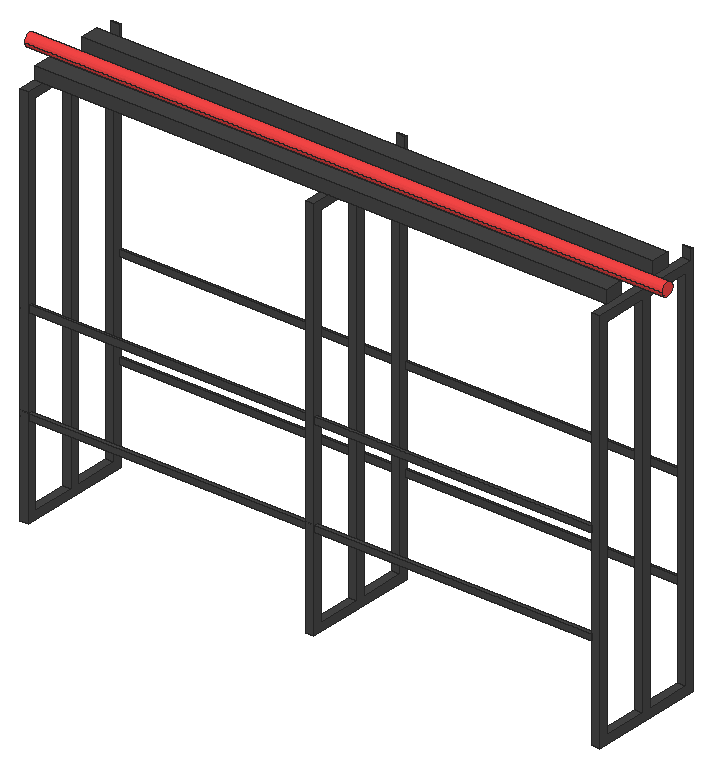
Revit family "Batería de cilindros con pesaje continuo de 80l en doble fila CO2_Aguilera Extincion", category Equipos especializados, Revit 2017
Family settings
  Anfitrión = Suelo
  Cota de conector redondo = Radio de uso
  Tipo de pieza = Normal
  Número OmniClass = 23.65.20.14.24
  Título OmniClass = Other Gas Storage Vessels
  Siempre vertical = Sí
  Corte con vacíos al cargar = No
  Compartido = Sí
  Punto de cálculo de habitación = No
Parameters (values of type "Batería 20 cilindros CO2 con pesaje continuo - 80 l")
  URL = "https://aguilera.es/?productos=baterias-con-botellas-en-doble-fila-y-pesaje-continuo-co2"
  Símbolo texto = yes
  Símbolo = yes
  Radio colector = Diámetro colector / 2  # 38.1 mm
  R = Diámetro / 2  # 133.5 mm
  Número soportes = 3
  Número de cilindros pares = 10
  Número de cilindros impares = 10
  Modelo = "AEX/SBP2080D"
  Lt = 3850 mm
  Lh = 3450 mm
  Lcc = Lh / (Número soportes - 1)  # 1725 mm
  Lc = 340 mm  # constant formula
  Ht = Hc + Diámetro colector  # 2413.2 mm
  Hd = 1770 mm
  H2 = Hc / 2  # 1168.5 mm
  H1 = Hc / 4  # 584.25 mm
  Fabricante = "Aguilera Extinción"  # constant formula
  Diámetro colector = 76.2 mm
  Descripción = "Batería de alta presión formada por cilindros de 80L de capacidad cada uno. Fabricados en acero tratado térmicamente, sin soldadura (según instrucción MIE AP7 de aparatos a presión y Directiva Europea 84/525/CEE). Presión de trabajo 42 bar. Presión de prueba 250 bar, temperatura de servicio de -20ºC a +50ºC. Grabados y pintados en color rojo (RAL 3002). Equipados con válvula principal con apertura neumática a través del cabezal, válvulas antirretorno, latiguillos para el accionamiento neumático de disparo y latiguillos de descarga. Ensamblados en bastidor metálico especial para pesaje continuo, colector de descarga con brida de acoplamiento a la instalación y válvula de descompresión.\r\n\r\nEl peso de cada cilindro se controla individualmente por un equipo analógico patentado Mod. AEX/CPC. Unidad programable que detecta la perdida de peso desde 200 gramos formada básicamente por: célula electrónica, microprocesador y display digital que refleja el peso permanentemente. Se suministra con tensor, que permite elevar la botella fácilmente, conectores con latiguillos montados para su conexión y resto de complementos."  # constant formula
  Diámetro = 267 mm
  Hc = 2337 mm  # constant formula
  Comentarios de tipo = "Observaciones:\r\n\r\nA. Hasta 9 cilindros, el disparo neumático de la batería se realiza convirtiéndo a uno de los cilindros en cilindro piloto, para lo cual, se dota a su válvula con solenoide de disparo automático y palanca para el disparo manual.\r\nB. A partir de 10 cilindros, las baterías van equipadas con un botellín piloto de disparo que está formado por: un cilindro de 5L cargado con CO2, provisto con sistema de pesaje continuo, válvula principal de 1”, solenoide a 24V para el disparo automático y palanca para el disparo manual.\r\nC. El importe de los sistemas de disparo, descritos en el punto A y B, han sido incluidos en los precios de las baterías"  # constant formula
  Cilindro = Cilindro autonomo CO2 con pesaje continuo_Aguilera Extincion : Cilindro autónomo CO2 con pesaje continuo - 80 l
Types (18, lengths in mm): name | Radio colector | Número soportes | Número de cilindros pares | Número de cilindros impares | Modelo | Lt | Lh | Lcc | Ht | Diámetro colector
  (no name) | 38.1 | 3 | 10 | 10 | "AEX/SBP2080D" | 3850 | 3450 | 1725 | 2413.2 | 76.2
  Batería 4 cilindros CO2 con pesaje continuo - 80 l | 15.9 | 2 | 2 | 2 | "AEX/SBP480D" | 1069 | 730 | 730 | 2368.8 | 31.8
  Batería 5 cilindros CO2 con pesaje continuo - 80 l | 15.9 | 2 | 2 | 3 | "AEX/SBP580D" | 1409 | 1070 | 1070 | 2368.8 | 31.8
  Batería 6 cilindros CO2 con pesaje continuo - 80 l | 19.05 | 2 | 3 | 3 | "AEX/SBP680D" | 1409 | 1070 | 1070 | 2375.1 | 38.1
  Batería 7 cilindros CO2 con pesaje continuo - 80 l | 25.4 | 2 | 3 | 4 | "AEX/SBP780D" | 1749 | 1410 | 1410 | 2387.8 | 50.8
  Batería 8 cilindros CO2 con pesaje continuo - 80 l | 25.4 | 2 | 4 | 4 | "AEX/SBP880D" | 1749 | 1410 | 1410 | 2387.8 | 50.8
  Batería 9 cilindros CO2 con pesaje continuo - 80 l | 25.4 | 2 | 4 | 5 | "AEX/SBP980D" | 2089 | 1750 | 1750 | 2387.8 | 50.8
  Batería 10 cilindros CO2 con pesaje continuo - 80 l | 25.4 | 2 | 5 | 5 | "AEX/SBP1080D" | 2089 | 1750 | 1750 | 2387.8 | 50.8
  Batería 11 cilindros CO2 con pesaje continuo - 80 l | 25.4 | 2 | 5 | 6 | "AEX/SBP1180D" | 2429 | 2090 | 2090 | 2387.8 | 50.8
  Batería 12 cilindros CO2 con pesaje continuo - 80 l | 31.75 | 2 | 6 | 6 | "AEX/SBP1280D" | 2429 | 2090 | 2090 | 2400.5 | 63.5
  Batería 13 cilindros CO2 con pesaje continuo - 80 l | 31.75 | 3 | 6 | 7 | "AEX/SBP1380D" | 2830 | 2430 | 1215 | 2400.5 | 63.5
  Batería 14 cilindros CO2 con pesaje continuo - 80 l | 31.75 | 2 | 7 | 7 | "AEX/SBP1480D" | 2830 | 2430 | 2430 | 2400.5 | 63.5
  Batería 15 cilindros CO2 con pesaje continuo - 80 l | 31.75 | 3 | 7 | 8 | "AEX/SBP1580D" | 3170 | 2770 | 1385 | 2400.5 | 63.5
  Batería 16 cilindros CO2 con pesaje continuo - 80 l | 31.75 | 3 | 8 | 8 | "AEX/SBP1680D" | 3170 | 2770 | 1385 | 2400.5 | 63.5
  Batería 17 cilindros CO2 con pesaje continuo - 80 l | 31.75 | 4 | 8 | 9 | "AEX/SBP1780D" | 3510 | 3100 | 1033.333 | 2400.5 | 63.5
  Batería 18 cilindros CO2 con pesaje continuo - 80 l | 31.75 | 4 | 9 | 9 | "AEX/SBP1880D" | 3510 | 3100 | 1033.333 | 2400.5 | 63.5
  Batería 19 cilindros CO2 con pesaje continuo - 80 l | 38.1 | 3 | 9 | 10 | "AEX/SBP1980D" | 3850 | 3450 | 1725 | 2413.2 | 76.2
  Batería 20 cilindros CO2 con pesaje continuo - 80 l | 38.1 | 3 | 10 | 10 | "AEX/SBP2080D" | 3850 | 3450 | 1725 | 2413.2 | 76.2
Reference planes
  plane 1 "Centro (Frontal/Posterior)": y = 0
  plane 2: z = 0
  plane 3 "Centro (Izquierda/Derecha)": x = 0
  plane 4: y = 133.5
  plane 5: z = 584.25
  plane 6: z = 1168.5
  plane 7: z = 1565
  plane 8: z = 1703.58
  plane 9: z = 1770
  plane 10: z = 2337
  plane 11: x = -154
  plane 12: z = 2413.2
  plane 13: x = -600
  plane 14: x = 3250
  plane 15: y = 153.5
  plane 16: x = -380
  plane 17: y = 40.5
  plane 18: z = 2393.2
  plane 19: y = -198.5
  plane 20: y = -183
Forms (mm)
  Extrusion 1, solid, material "Acero rojo"
    sketch origin (0, 0, 0) x (0, 1, 0) y (0, 0, 1)
      loop
        circle (-183, 2375.1) r 38.1
    from -600 to 3250
  Extrusion 2, solid, material "Acero negro", detail levels medium+fine
    sketch origin (-380, -6000, 2490.948) x (0, 0, 1) y (0, -1, 0)
      loop
        line (-153.948, -5579.64) -> (-153.948, -5691.36) -> (-77.748, -5691.36) -> (-77.748, -5579.64) -> (-153.948, -5579.64)
      loop
        line (-153.948, -5931.64) -> (-153.948, -6043.36) -> (-77.748, -6043.36) -> (-77.748, -5931.64) -> (-153.948, -5931.64)
      loop
        line (-1342.333, -5469) -> (-1342.333, -5484) -> (-1302.563, -5484) -> (-1302.563, -5469) -> (-1342.333, -5469)
      loop
        line (-1926.583, -5469) -> (-1926.583, -5484) -> (-1886.813, -5484) -> (-1886.813, -5469) -> (-1926.583, -5469)
      loop
        line (-1342.333, -6166) -> (-1302.563, -6166) -> (-1302.563, -6151) -> (-1342.333, -6151) -> (-1342.333, -6166)
      loop
        line (-1926.583, -6166) -> (-1886.813, -6166) -> (-1886.813, -6151) -> (-1926.583, -6151) -> (-1926.583, -6166)
    from 0 to 3450 <- "Lh"
Dimensions and locks
  "H1": plane 5 to plane 2
  "H2": plane 6 to plane 2
  "Hd": plane 9 to plane 2
  "Hc": plane 10 to plane 2
  locked: plane 11 to plane 3 "Centro (Izquierda/Derecha)" at 154
  locked: plane 9 to plane 8 at 66.42
  locked: plane 9 to plane 7 at 205
  "R": plane 1 "Centro (Frontal/Posterior)" to plane 4
  "Lt": plane 14 to plane 13
  "Ht": plane 12 to plane 2
  locked: plane 12 to plane 18 at 20
  "Ht": Extrusion 1 sketch curve to plane 2
  equal spacing: group 1, group 2, group 7, group 8, group 9, group 12, group 15, group 16, group 17, group 18  (x3)
  equal spacing: group 3, group 4, group 19  (x3)
  "Lcc": nested 3 to nested 4
  equal spacing: group 5, group 6, group 10, group 11, group 13, group 14, group 20, group 21, group 22, group 23  (x3)
  nested 5 to plane 13 = 446 mm
  Extrusion 2 sketch curve to Extrusion 2 sketch curve = 111.72 mm  (x2)
  locked: Extrusion 2 sketch curve to Extrusion 2 sketch curve at 111.72  (x2)
  equal spacing: Extrusion 2 sketch curve, plane 6, Extrusion 2 sketch curve  (x2)
  Extrusion 2 sketch curve to Extrusion 2 sketch curve = 39.77 mm  (x4)
  Extrusion 2 sketch curve to Extrusion 2 sketch curve = 15 mm
  equal spacing: Extrusion 2 sketch curve, plane 5, Extrusion 2 sketch curve  (x2)
  locked: Extrusion 2 sketch curve to Extrusion 2 sketch curve at 15  (x2)
  "Radio colector": radius of Extrusion 1 sketch curve
  aligned and locked: level to plane 2
  aligned and locked: Extrusion 1 to plane 13
  aligned and locked: plane 14 to Extrusion 1
  aligned and locked: Extrusion 2 sketch curve to plane 10  (x2)
  aligned and locked: plane 12 to Extrusion 2 sketch curve  (x2)
  aligned and locked: nested 3 to Extrusion 2 sketch curve  (x3)
Automatic sketch dimensions
  plane 6 to Extrusion 2 sketch curve = 19.885 mm
  plane 5 to Extrusion 2 sketch curve = 19.885 mm
  Extrusion 2 sketch curve to plane 19 = 317.5 mm
  Extrusion 2 sketch curve to plane 5 = 19.885 mm
  Extrusion 2 sketch curve to plane 6 = 19.885 mm
  Extrusion 2 sketch curve to plane 15 = 2.5 mm
  plane 17 to Extrusion 2 sketch curve = 2.86 mm
  Extrusion 2 sketch curve to plane 19 = 110.14 mm
  Extrusion 1 sketch curve to plane 20 = 0 mm
Nested families
  nested 1: "Cilindro autonomo CO2 con pesaje continuo_Aguilera Extincion" at (-154, -12.5, 0), type <- "Cilindro", type "Cilindro autónomo CO2 con pesaje continuo - 80 l", not visible
    with Soporte individual no
  nested 2: "Cilindro autonomo CO2 con pesaje continuo_Aguilera Extincion" at (186, -12.5, 0), type <- "Cilindro", type "Cilindro autónomo CO2 con pesaje continuo - 80 l", not visible
    with Soporte individual no
  nested 3: "Soporte doble - pesaje" at (0, 166, 0), type "Soporte doble - pesaje"
    with L1 697 mm, Ht 2337 mm
  nested 4: "Soporte doble - pesaje" at (1725, 166, 0), type "Soporte doble - pesaje"
    with L1 697 mm, Ht 2337 mm
  nested 5: "Cilindro autonomo CO2 con pesaje continuo_Aguilera Extincion" at (-154, -364.5, 0), type <- "Cilindro", type "Cilindro autónomo CO2 con pesaje continuo - 80 l", not visible
    with Soporte individual no
  nested 6: "Cilindro autonomo CO2 con pesaje continuo_Aguilera Extincion" at (186, -364.5, 0), type <- "Cilindro", type "Cilindro autónomo CO2 con pesaje continuo - 80 l", not visible
    with Soporte individual no
  nested 7: "S_Cilindros_Aguilera Extinción" at (1226.5, -135.5, 0), visible <- "Símbolo", type "S_Cilindros_Aguilera Extinción", detail levels coarse
  nested 8: "Cilindro autonomo CO2 con pesaje continuo_Aguilera Extincion" at (526, -12.5, 0), type <- "Cilindro", type "Cilindro autónomo CO2 con pesaje continuo - 80 l", not visible
    with Soporte individual no
  nested 9: "Cilindro autonomo CO2 con pesaje continuo_Aguilera Extincion" at (866, -12.5, 0), type <- "Cilindro", type "Cilindro autónomo CO2 con pesaje continuo - 80 l", not visible
    with Soporte individual no
  nested 10: "Cilindro autonomo CO2 con pesaje continuo_Aguilera Extincion" at (1206, -12.5, 0), type <- "Cilindro", type "Cilindro autónomo CO2 con pesaje continuo - 80 l", not visible
    with Soporte individual no
  nested 11: "Cilindro autonomo CO2 con pesaje continuo_Aguilera Extincion" at (526, -364.5, 0), type <- "Cilindro", type "Cilindro autónomo CO2 con pesaje continuo - 80 l", not visible
    with Soporte individual no
  nested 12: "Cilindro autonomo CO2 con pesaje continuo_Aguilera Extincion" at (866, -364.5, 0), type <- "Cilindro", type "Cilindro autónomo CO2 con pesaje continuo - 80 l", not visible
    with Soporte individual no
  nested 13: "Cilindro autonomo CO2 con pesaje continuo_Aguilera Extincion" at (1546, -12.5, 0), type <- "Cilindro", type "Cilindro autónomo CO2 con pesaje continuo - 80 l", not visible
    with Soporte individual no
  nested 14: "Cilindro autonomo CO2 con pesaje continuo_Aguilera Extincion" at (1206, -364.5, 0), type <- "Cilindro", type "Cilindro autónomo CO2 con pesaje continuo - 80 l", not visible
    with Soporte individual no
  nested 15: "Cilindro autonomo CO2 con pesaje continuo_Aguilera Extincion" at (1546, -364.5, 0), type <- "Cilindro", type "Cilindro autónomo CO2 con pesaje continuo - 80 l", not visible
    with Soporte individual no
  nested 16: "Cilindro autonomo CO2 con pesaje continuo_Aguilera Extincion" at (1886, -12.5, 0), type <- "Cilindro", type "Cilindro autónomo CO2 con pesaje continuo - 80 l", not visible
    with Soporte individual no
  nested 17: "Cilindro autonomo CO2 con pesaje continuo_Aguilera Extincion" at (2226, -12.5, 0), type <- "Cilindro", type "Cilindro autónomo CO2 con pesaje continuo - 80 l", not visible
    with Soporte individual no
  nested 18: "Cilindro autonomo CO2 con pesaje continuo_Aguilera Extincion" at (2566, -12.5, 0), type <- "Cilindro", type "Cilindro autónomo CO2 con pesaje continuo - 80 l", not visible
    with Soporte individual no
  nested 19: "Cilindro autonomo CO2 con pesaje continuo_Aguilera Extincion" at (2906, -12.5, 0), type <- "Cilindro", type "Cilindro autónomo CO2 con pesaje continuo - 80 l", not visible
    with Soporte individual no
  nested 20: "Soporte doble - pesaje" at (3450, 166, 0), type "Soporte doble - pesaje"
    with L1 697 mm, Ht 2337 mm
  nested 21: "Cilindro autonomo CO2 con pesaje continuo_Aguilera Extincion" at (1886, -364.5, 0), type <- "Cilindro", type "Cilindro autónomo CO2 con pesaje continuo - 80 l", not visible
    with Soporte individual no
  nested 22: "Cilindro autonomo CO2 con pesaje continuo_Aguilera Extincion" at (2226, -364.5, 0), type <- "Cilindro", type "Cilindro autónomo CO2 con pesaje continuo - 80 l", not visible
    with Soporte individual no
  nested 23: "Cilindro autonomo CO2 con pesaje continuo_Aguilera Extincion" at (2566, -364.5, 0), type <- "Cilindro", type "Cilindro autónomo CO2 con pesaje continuo - 80 l", not visible
    with Soporte individual no
  nested 24: "Cilindro autonomo CO2 con pesaje continuo_Aguilera Extincion" at (2906, -364.5, 0), type <- "Cilindro", type "Cilindro autónomo CO2 con pesaje continuo - 80 l", not visible
    with Soporte individual no
Connectors
  piping at (-600, -183, 2375.1), diameter 76.2, driven by "Radio colector"
    settings: on Extrusion 1, index 1, connector inside diameter 609.6 mm, connector length 0 mm, flow factor 0, pipe flow 0.0 L/s, pressure drop 0.0 Pa, fitting loss kfactor 0, connector angle 0.00°, fixture units 0, engagement length 0 mm, angle of deflection 0.00°, flow configuration 0, flow direction 0, fitting loss method 0, system type 28, joint type 0, gender type 0, connector reference index -1, connector utility 0, adjustable connector no, is connector primary yes, connector description ""
  piping at (3250, -183, 2375.1), diameter 76.2, driven by "Radio colector"
    settings: on Extrusion 1, index 2, connector inside diameter 609.6 mm, connector length 0 mm, flow factor 0, pipe flow 0.0 L/s, pressure drop 0.0 Pa, fitting loss kfactor 0, connector angle 0.00°, fixture units 0, engagement length 0 mm, angle of deflection 0.00°, flow configuration 0, flow direction 0, fitting loss method 0, system type 28, joint type 0, gender type 0, connector reference index -1, connector utility 0, adjustable connector no, is connector primary no, connector description ""
  piping at (-600, -183, 2375.1), diameter 76.2, driven by "Radio colector"
    settings: on Extrusion 1, index 3, connector inside diameter 609.6 mm, connector length 0 mm, flow factor 0, pipe flow 0.0 L/s, pressure drop 0.0 Pa, fitting loss kfactor 0, connector angle 0.00°, fixture units 0, engagement length 0 mm, angle of deflection 0.00°, flow configuration 0, flow direction 0, fitting loss method 0, system type 28, joint type 0, gender type 0, connector reference index -1, connector utility 0, adjustable connector no, is connector primary no, connector description ""
Definition of nested family "Cilindro autonomo CO2 con pesaje continuo_Aguilera Extincion"
  Parameters (values of type "Cilindro autónomo CO2 con pesaje continuo - 80 l")
    URL = "https://aguilera.es/?productos=botellas-autonomas-de-4-7-a-80-l-con-pesaje-continuo-para-co2"
    Símbolo texto = yes
    Símbolo = yes
    R3 = R2 * 0.2  # 21.9 mm
    R2 = R * 0.75  # 109.5 mm
    R = Diámetro / 2  # 146 mm
    Model = "AEX/SBP180"
    L2 = 440 mm
    L1 = Diámetro * 1.75  # 511 mm
    Ht = 2337 mm
    Soporte individual = yes
    Hd = 1777 mm
    Hc2 = Hb / 2  # 913.5 mm
    Hc1 = Hb / 4  # 456.75 mm
    Ht1 = Ht - 40 mm  # 2297 mm
    Manufacturer = "Aguilera Extinción"  # constant formula
    Description = "Cilindro de alta presión, fabricado en acero aleado tratado térmicamente sin soldadura, (según instrucción MIE AP7 de aparatos a presión y Directiva Europea 84/525/CEE). Presión de trabajo 60 bar, presión de prueba 250 bar, temperatura de servicio de -20ºC a +50ºC. Grabados y pintados según normativa."  # constant formula
    Diámetro = 292 mm
    Hb = 1827 mm
    D2 = Diámetro + 70 mm  # 362 mm
    Type Comments = "Equipados con:\r\n\r\nVálvula principal AE-100 de 1” fabricada en latón forjado con pistón y eje de acero inoxidable. Provista con disco de seguridad y válvula de alivio para evitar el disparo en caso de pequeñas fugas.\r\nTubo sifón.\r\nSolenoide de disparo (alimentación 24V y 500mA de consumo)\r\nBrida.\r\nCaperuzo protector.\r\nEquipo microprocesado de pesaje continuo, donde el peso de cada cilindro se controla individualmente por un equipo analógico Mod. AEX/CPC. Unidad programable que detecta la perdida de peso desde 200 gramos formada básicamente por célula electrónica, microprocesador y display digital que refleja el peso permanentemente. Se suministra con tensor, que permite elevar la botella fácilmente, conectores con latiguillos montados para su conexión y resto de complementos.\r\nEnsamblados en bastidor metálico especial para pesaje continuo y colector de descarga con rosca de acoplamiento a la instalación.\r\nObservaciones:\r\n\r\nCada cilindro dispone de los correspondientes certificados emitidos por la Consejería de Industria y se encuentra a disposición de los clientes en nuestros archivos."  # constant formula
  Types (5, lengths in mm): name | R3 | R2 | R | Model | L2 | L1 | Ht | Soporte individual | Hd | Hc2 | Hc1 | Ht1 | Diámetro | Hb | D2
    Cilindro autónomo CO2 con pesaje continuo - 6.7 l | 9.75 | 48.75 | 65 | "AEX/SBP16" | 410 | 227.5 | 1117 | no | 700 | 375 | 187.5 | 1077 | 130 | 750 | 200
    Cilindro autónomo CO2 con pesaje continuo - 13.4 l | 14.85 | 74.25 | 99 | "AEX/SBP113" | 410 | 346.5 | 1637 | no | 1100 | 575 | 287.5 | 1597 | 198 | 1150 | 268
    Cilindro autónomo CO2 con pesaje continuo - 26.8 l | 19.125 | 95.625 | 127.5 | "AEX/SBP126" | 410 | 446.25 | 1407 | no | 1000 | 525 | 262.5 | 1367 | 255 | 1050 | 325
    Cilindro autónomo CO2 con pesaje continuo - 67 l | 21.9 | 109.5 | 146 | "AEX/SBP167" | 440 | 511 | 2057 | no | 1600 | 825 | 412.5 | 2017 | 292 | 1650 | 362
    Cilindro autónomo CO2 con pesaje continuo - 80 l | 21.9 | 109.5 | 146 | "AEX/SBP180" | 440 | 511 | 2337 | yes | 1777 | 913.5 | 456.75 | 2297 | 292 | 1827 | 362
  Reference planes
    plane 1 "Centro (Frontal/Posterior)": y = 0
    plane 2: z = 0
    plane 3 "Centro (Izquierda/Derecha)": x = 0
    plane 4: z = 456.75
    plane 5: z = 913.5
    plane 6: z = 1572
    plane 7: z = 1710.58
    plane 8: z = 1777
    plane 9: z = 1827
    plane 10: x = -146
    plane 11: x = 146
    plane 12: z = 2337
    plane 13: x = -220
    plane 14: x = 220
    plane 15: z = 2297
    plane 16: y = -166
    plane 17: y = -181
    plane 18: z = 933.5
    plane 19: z = 893.5
    plane 20: z = 476.75
    plane 21: z = 436.75
    plane 22: y = -141
    plane 23: x = 200
    plane 24: x = -200
    plane 25: y = 166
    plane 26: y = 181
  Forms (mm)
    Extrusion 1, solid
      sketch origin (0, 0, 0) x (1, 0, 0) y (0, 1, 0)
        loop
          circle (0, 0) r 146
      from 0 to 1572
    Extrusion 2, solid
      sketch origin (-745.59, -6000, 1710.58) x (-1, 0, 0) y (0, -1, 0)
        loop
          circle (-745.59, -6000) r 21.9
      from 0 to 116.42
    Extrusion 3, solid, detail levels fine
      sketch origin (-8.75, 0, 0) x (0, 1, 0) y (0, 0, 1)
        loop
          line (13.01, 1799.534) -> (-13.01, 1799.534) -> (-26.02, 1777) -> (-13.01, 1754.466) -> (13.01, 1754.466) -> (26.02, 1777) -> (13.01, 1799.534)
      from -76.574 to -90.75
    Extrusion 4, solid, detail levels fine
      sketch origin (-99.5, 0, 0) x (0, -1, 0) y (0, 0, 1)
        loop
          circle (0, 1777) r 21.9
      from -99.5 to -14.176
    Revolve 5, solid
      sketch origin (0, 0, 0) x (1, 0, 0) y (0, 0, 1)
        loop
          line (-146, 1572) -> (0, 1572) -> (0, 1710.58) -> (-40, 1710.58)
          arc (-40, 1710.58) -> (-112.105, 1655.903) -> (-146, 1572) r 170.221
        axis (0, 1710.58) -> (0, 1572)
      angle from 0 to 360
    Extrusion 6, solid, detail levels fine
      sketch origin (-745.59, -6000, 1827) x (-1, 0, 0) y (0, -1, 0)
        loop
          line (-731.103, -6024.486) -> (-717.13, -5999.716) -> (-731.594, -5975.23) -> (-760.032, -5975.514) -> (-773.633, -5999.624) -> (-759.279, -6024.486) -> (-731.103, -6024.486)
      from 0 to 20
    Extrusion 7, solid, detail levels fine
      sketch origin (-745.59, -6000, 1710.58) x (-1, 0, 0) y (0, -1, 0)
        loop
          circle (-745.59, -5998.341) r 109.5
      from 0 to 10
    Extrusion 8, solid, visible <- "Soporte individual", detail levels medium+fine
      sketch origin (-220, -6000, 1804.934) x (0, 0, 1) y (0, -1, 0)
        loop
          line (492.066, -5964) -> (492.066, -6036) -> (532.066, -6036) -> (532.066, -5964) -> (492.066, -5964)
      from 0 to 440
    Extrusion 9, solid, visible <- "Soporte individual", detail levels medium+fine
      sketch origin (-220, 6000, 1804.934) x (0, 0, 1) y (0, -1, 0)
        loop
          line (-911.434, 6166) -> (-871.434, 6166) -> (-871.434, 6181) -> (-911.434, 6181) -> (-911.434, 6166)
      from 20 to 420
    Extrusion 10, solid, visible <- "Soporte individual", detail levels medium+fine
      sketch origin (-220, 6000, 1348.184) x (0, 0, 1) y (0, -1, 0)
        loop
          line (-911.434, 6166) -> (-871.434, 6166) -> (-871.434, 6181) -> (-911.434, 6181) -> (-911.434, 6166)
      from 20 to 420
    Extrusion 11, solid, visible <- "Soporte individual", detail levels medium+fine
      sketch origin (-220, 6185, 1804.934) x (0, 0, 1) y (0, -1, 0)
        loop
          line (-911.434, 6004) -> (-871.434, 6004) -> (-871.434, 6019) -> (-911.434, 6019) -> (-911.434, 6004)
      from 20 to 420
    Extrusion 12, solid, visible <- "Soporte individual", detail levels medium+fine
      sketch origin (-220, 6185, 1348.184) x (0, 0, 1) y (0, -1, 0)
        loop
          line (-911.434, 6004) -> (-871.434, 6004) -> (-871.434, 6019) -> (-911.434, 6019) -> (-911.434, 6004)
      from 20 to 420
    Extrusion 13, solid, detail levels fine
      sketch origin (0, 0, 0) x (1, 0, 0) y (0, 0, 1)
        loop
          line (-109.5, 1710.58) -> (-99.5, 1710.58) -> (-99.5, 1896.44) -> (0, 1995.94) -> (99.5, 1896.44) -> (99.5, 1710.58) -> (109.5, 1710.58) -> (109.5, 1900.598) -> (0, 2010.089) -> (-109.5, 1900.58) -> (-109.5, 1710.58)
      from -10 to 10
    Revolve 14, solid, detail levels fine
      sketch origin (0, 0, 0) x (1, 0, 0) y (0, 0, 1)
        loop
          line (-0.458, 1847) -> (-0.458, 2151.932) -> (-22.358, 2151.932) -> (-22.358, 1847) -> (-0.458, 1847)
        axis (0, 1847) -> (0, 2151.932)
      angle from 0 to 360
    Extrusion 15, solid, detail levels fine
      sketch origin (0, 0, 0) x (1, 0, 0) y (0, 0, 1)
        loop
          line (-22.358, 2151.932) -> (22.358, 2151.932) -> (50.643, 2180.216) -> (50.643, 2270.216)
          arc (50.643, 2270.216) -> (0, 2284.288) -> (-50.643, 2270.216) r 98.162
          line (-50.643, 2270.216) -> (-50.643, 2180.216) -> (-22.358, 2151.932)
      from -50 to 50
    Revolve 16, solid, detail levels fine
      sketch origin (0, 0, 0) x (1, 0, 0) y (0, 0, 1)
        loop
          line (0, 2212.562) -> (0, 2443) -> (-10, 2443) -> (-10, 2212.562) -> (0, 2212.562)
        axis (0, 2212.562) -> (0, 2443)
      angle from 0 to 360
  Lines and regions (mm)
    symbolic lines
      curve 1: line (0, 240, 0) -> (0, 247, 0)
      curve 2: line (-25, 287, 0) -> (25, 287, 0)
      curve 3: circle (0, 287, 0) r 15 normal (0, 0, 1)
  Dimensions and locks
    "Hc1": plane 4 to plane 2
    "Hc2": plane 5 to plane 2
    "Hd": plane 8 to plane 2
    "Hb": plane 9 to plane 2
    equal spacing: plane 10, plane 3 "Centro (Izquierda/Derecha)", plane 11
    "Diámetro": plane 10 to plane 11
    locked: plane 8 to plane 7 at 66.42
    locked: plane 8 to plane 6 at 205
    "Ht": plane 12 to plane 2
    equal spacing: plane 14, plane 3 "Centro (Izquierda/Derecha)", plane 13
    "L2": plane 14 to plane 13
    locked: plane 12 to plane 15 at 40
    locked: plane 17 to plane 16 at 15
    equal spacing: Extrusion 8 sketch curve, plane 1 "Centro (Frontal/Posterior)", Extrusion 8 sketch curve
    equal spacing: plane 18, plane 5, plane 19
    equal spacing: plane 20, plane 4, plane 21
    locked: plane 18 to plane 19 at 40
    locked: plane 20 to plane 21 at 40
    locked: plane 17 to plane 22 at 40
    locked: plane 23 to plane 14 at 20
    locked: plane 13 to plane 24 at 20
    locked: plane 26 to plane 25 at 15
    "D2": plane 26 to plane 17
    equal spacing: plane 26, plane 1 "Centro (Frontal/Posterior)", plane 17
    Extrusion 8 sketch curve to Extrusion 8 sketch curve = 72 mm
    locked: Extrusion 13 sketch curve to Extrusion 13 sketch curve at 10  (x2)
    "R2": Extrusion 13 sketch curve to plane 3 "Centro (Izquierda/Derecha)"
    "R3": Revolve 14 sketch curve to Revolve 14 sketch curve
    locked: Revolve 16 sketch curve to Extrusion 8 at 106
    "Diámetro": diameter of Extrusion 1 sketch curve
    "R2": radius of Extrusion 7 sketch curve
    "R3": radius of Extrusion 2 sketch curve
    "R3": radius of Extrusion 4 sketch curve
    aligned and locked: level to plane 2
    aligned and locked: plane 6 to Extrusion 1
    aligned and locked: plane 9 to Extrusion 2
    aligned and locked: Extrusion 2 to plane 7
    aligned and locked: plane 3 "Centro (Izquierda/Derecha)" to Extrusion 4
    aligned and locked: Revolve 5 sketch curve to plane 3 "Centro (Izquierda/Derecha)"  (x2)
    aligned and locked: Revolve 5 sketch curve to plane 6
    aligned and locked: plane 7 to Revolve 5 sketch curve
    aligned and locked: Extrusion 8 sketch curve to plane 15
    aligned and locked: plane 12 to Extrusion 8 sketch curve
    aligned and locked: plane 14 to Extrusion 8
    aligned and locked: plane 18 to Extrusion 9
    aligned and locked: plane 19 to Extrusion 9
    aligned and locked: plane 23 to nested 3
    aligned and locked: nested 3 to Extrusion 9
    aligned and locked: Extrusion 9 to Extrusion 10
    aligned and locked: plane 13 to nested 2
    aligned and locked: plane 23 to Extrusion 9
    aligned and locked: Extrusion 9 to nested 2
    aligned and locked: Extrusion 10 to Extrusion 9
    aligned and locked: Extrusion 10 to nested 2
    aligned and locked: Extrusion 11 to Extrusion 12
    aligned and locked: Extrusion 12 to Extrusion 11
    aligned and locked: Extrusion 11 to nested 2
    aligned and locked: Extrusion 11 to plane 25
    aligned and locked: plane 26 to Extrusion 11
    aligned and locked: Extrusion 9 to Extrusion 11
    aligned and locked: Extrusion 12 to nested 2
    aligned and locked: Extrusion 12 to plane 25
    aligned and locked: plane 26 to Extrusion 12
    aligned and locked: nested 3 to Extrusion 12
    aligned and locked: Extrusion 13 sketch curve to Extrusion 7
    aligned and locked: Extrusion 13 sketch curve to plane 7
    aligned and locked: plane 7 to Extrusion 13 sketch curve
    aligned and locked: Extrusion 6 to Revolve 14 sketch curve
    aligned and locked: plane 3 "Centro (Izquierda/Derecha)" to Revolve 14 sketch curve
    aligned and locked: Extrusion 3 to Extrusion 13
    aligned and locked: Extrusion 3 to Extrusion 4
    aligned and locked: Extrusion 15 sketch curve to Revolve 14
    aligned and locked: Revolve 16 sketch curve to plane 3 "Centro (Izquierda/Derecha)"
    aligned and locked: plane 3 "Centro (Izquierda/Derecha)" to Revolve 16 sketch curve
  Automatic sketch dimensions
    Extrusion 3 sketch curve to plane 8 = 0 mm  (x2)
    plane 1 "Centro (Frontal/Posterior)" to Extrusion 3 sketch curve = 26.02 mm
    plane 1 "Centro (Frontal/Posterior)" to Extrusion 3 sketch curve = 13.01 mm  (x2)
    Extrusion 3 sketch curve to plane 1 "Centro (Frontal/Posterior)" = 13.01 mm  (x2)
    Extrusion 3 sketch curve to Extrusion 3 sketch curve = 13.01 mm
    Extrusion 3 sketch curve to plane 8 = 22.534 mm
    plane 8 to Extrusion 3 sketch curve = 22.534 mm
    Extrusion 10 sketch curve to plane 17 = 0 mm
    plane 21 to Extrusion 10 sketch curve = 0 mm
    Extrusion 10 sketch curve to plane 16 = 0 mm
    Extrusion 10 sketch curve to plane 20 = 0 mm
    curve 1 to plane 3 "Centro (Izquierda/Derecha)" = 0 mm
    curve 3 to plane 3 "Centro (Izquierda/Derecha)" = 0 mm
    plane 26 to curve 3 = 106 mm
    curve 2 to plane 3 "Centro (Izquierda/Derecha)" = 25 mm
    plane 3 "Centro (Izquierda/Derecha)" to curve 2 = 25 mm
    curve 3 to curve 2 = 0 mm
    curve 1 to curve 3 = 40 mm
    curve 1 to curve 1 = 7 mm
    plane 1 "Centro (Frontal/Posterior)" to Extrusion 6 sketch curve = 0.376 mm
    plane 3 "Centro (Izquierda/Derecha)" to Extrusion 6 sketch curve = 28.043 mm
    plane 3 "Centro (Izquierda/Derecha)" to Extrusion 6 sketch curve = 14.443 mm
    plane 3 "Centro (Izquierda/Derecha)" to Extrusion 6 sketch curve = 13.689 mm
    Extrusion 6 sketch curve to plane 3 "Centro (Izquierda/Derecha)" = 13.995 mm
    Extrusion 6 sketch curve to plane 3 "Centro (Izquierda/Derecha)" = 14.487 mm
    plane 1 "Centro (Frontal/Posterior)" to Extrusion 6 sketch curve = 0.284 mm
    Extrusion 6 sketch curve to Extrusion 6 sketch curve = 13.973 mm
    Extrusion 6 sketch curve to plane 1 "Centro (Frontal/Posterior)" = 24.486 mm
    plane 1 "Centro (Frontal/Posterior)" to Extrusion 6 sketch curve = 24.486 mm
    plane 1 "Centro (Frontal/Posterior)" to Extrusion 6 sketch curve = 24.77 mm
    Extrusion 9 sketch curve to plane 17 = 0 mm
    plane 19 to Extrusion 9 sketch curve = 0 mm
    Extrusion 9 sketch curve to plane 16 = 0 mm
    Extrusion 9 sketch curve to plane 18 = 0 mm
    plane 19 to Extrusion 11 sketch curve = 0 mm
    Extrusion 11 sketch curve to plane 18 = 0 mm
    Extrusion 11 sketch curve to plane 26 = 0 mm
    Extrusion 11 sketch curve to plane 25 = 0 mm
    plane 21 to Extrusion 12 sketch curve = 0 mm
    Extrusion 12 sketch curve to plane 20 = 0 mm
    Extrusion 12 sketch curve to plane 26 = 0 mm
    Extrusion 12 sketch curve to plane 25 = 0 mm
    Extrusion 15 sketch curve to plane 3 "Centro (Izquierda/Derecha)" = 0 mm
    Extrusion 15 sketch curve to plane 3 "Centro (Izquierda/Derecha)" = 22.358 mm
    Extrusion 15 sketch curve to Extrusion 15 sketch curve = 28.284 mm  (x4)
    plane 3 "Centro (Izquierda/Derecha)" to Extrusion 15 sketch curve = 22.358 mm
    Extrusion 15 sketch curve to Extrusion 15 sketch curve = 34.194 mm
    Extrusion 15 sketch curve to Extrusion 15 sketch curve = 90 mm
    Revolve 16 sketch curve to plane 3 "Centro (Izquierda/Derecha)" = 10 mm
    Revolve 16 sketch curve to plane 15 = 84.438 mm
    Revolve 16 sketch curve to Revolve 16 sketch curve = 78.622 mm
    Revolve 16 sketch curve to Revolve 16 sketch curve = 230.94 mm
    plane 1 "Centro (Frontal/Posterior)" to Extrusion 1 sketch curve = 0 mm
    Extrusion 1 sketch curve to plane 3 "Centro (Izquierda/Derecha)" = 0 mm
    plane 1 "Centro (Frontal/Posterior)" to Extrusion 2 sketch curve = 0 mm
    Extrusion 2 sketch curve to plane 3 "Centro (Izquierda/Derecha)" = 0 mm
    Extrusion 4 sketch curve to Extrusion 3 = 22.534 mm  (x2)
    plane 10 to Revolve 5 sketch curve = 0 mm
    Revolve 5 sketch curve to plane 3 "Centro (Izquierda/Derecha)" = 40 mm
    Revolve 5 sketch curve to plane 6 = 19.514 mm
    Revolve 5 sketch curve to Revolve 5 sketch curve = 1.762 mm
    plane 9 to Revolve 5 sketch curve = 47 mm
    Extrusion 7 sketch curve to plane 3 "Centro (Izquierda/Derecha)" = 0 mm
    plane 1 "Centro (Frontal/Posterior)" to Extrusion 7 sketch curve = 1.659 mm
    Extrusion 13 sketch curve to plane 3 "Centro (Izquierda/Derecha)" = 0 mm  (x2)
    plane 9 to Extrusion 13 sketch curve = 69.44 mm  (x2)
    Extrusion 13 sketch curve to Extrusion 13 sketch curve = 4.139 mm
    Extrusion 13 sketch curve to Extrusion 13 sketch curve = 4.157 mm
    Revolve 14 sketch curve to plane 3 "Centro (Izquierda/Derecha)" = 0.458 mm
    Revolve 14 sketch curve to plane 15 = 145.068 mm
    plane 9 to Revolve 14 sketch curve = 10 mm
    Revolve 14 sketch curve to plane 15 = 52 mm
    radius of curve 3 = 15 mm
  Nested families
    nested 1: "S_Cilindro_Aguilera Extinción" at (0, 0, 0), visible <- "Símbolo", type "S_Cilindro_Aguilera Extinción", detail levels coarse
    nested 2: "Soporte suelo - pesaje" at (-220, 0, 0), visible <- "Soporte individual", type "Soporte suelo - pesaje", detail levels medium+fine
      with L1 511 mm, Ht 2297 mm, D 292 mm
    nested 3: "Soporte suelo - pesaje" at (200, 0, 0), visible <- "Soporte individual", type "Soporte suelo - pesaje", detail levels medium+fine
      with L1 511 mm, Ht 2297 mm, D 292 mm
  Definition of nested family "Soporte suelo - pesaje"
    Parameters (values of type "Soporte suelo - pesaje")
      L1 = 227.5 mm
      Ht = 1117 mm
      D = 130 mm
    Reference planes
      plane 1 "Centro (Frontal/Posterior)": y = 0
      plane 2: z = 0
      plane 3 "Centro (Izquierda/Derecha)": x = 0
      plane 4: z = 1117
      plane 5: y = -65
      plane 6: y = -105
      plane 7: z = 1077
      plane 8: z = 40
      plane 9: y = 105
      plane 10: y = 65
      plane 11: y = 122.5
      plane 12: y = 113.75
    Forms (mm)
      Extrusion 1, solid, detail levels medium+fine
        sketch origin (0, 0, 0) x (0, 1, 0) y (0, 0, 1)
          loop
            line (113.75, 0) -> (113.75, 40) -> (105, 40) -> (105, 1077) -> (122.5, 1077) -> (122.5, 1192) -> (102.5, 1192) -> (102.5, 1117) -> (-105, 1117) -> (-105, 0) -> (113.75, 0)
          loop
            line (65, 40) -> (65, 1077) -> (-65, 1077) -> (-65, 40) -> (65, 40)
        from 0 to 20
    Lines and regions (mm)
      symbolic lines
        curve 1: line (0, 142.5, 0) -> (0, 102.5, 0)
        curve 2: line (-25, 122.5, 0) -> (25, 122.5, 0)
        curve 3: circle (0, 122.5, 0) r 15 normal (0, 0, 1)
    Dimensions and locks
      "Ht": plane 4 to plane 2
      locked: plane 8 to plane 2 at 40
      locked: plane 4 to plane 7 at 40
      "D": plane 10 to plane 5
      locked: plane 9 to plane 10 at 40
      locked: plane 5 to plane 6 at 40
      equal spacing: plane 10, plane 1 "Centro (Frontal/Posterior)", plane 5
      "L1": plane 11 to plane 6
      equal spacing: plane 11, plane 12, plane 9
      aligned and locked: level to plane 2
      aligned and locked: level to Extrusion 1 sketch curve
      aligned and locked: Extrusion 1 sketch curve to plane 6
      aligned and locked: Extrusion 1 sketch curve to plane 4
      aligned and locked: Extrusion 1 sketch curve to plane 8  (x2)
      aligned and locked: plane 5 to Extrusion 1 sketch curve
      aligned and locked: plane 7 to Extrusion 1 sketch curve
      aligned and locked: Extrusion 1 sketch curve to plane 10
      aligned and locked: Extrusion 1 sketch curve to plane 9
      aligned and locked: Extrusion 1 sketch curve to plane 7
      aligned and locked: Extrusion 1 sketch curve to plane 11
      aligned and locked: plane 12 to Extrusion 1 sketch curve
    Automatic sketch dimensions
      curve 2 to plane 1 "Centro (Frontal/Posterior)" = 122.5 mm
      curve 3 to plane 1 "Centro (Frontal/Posterior)" = 122.5 mm
      curve 3 to plane 3 "Centro (Izquierda/Derecha)" = 0 mm
      curve 1 to curve 3 = 0 mm
      curve 2 to curve 3 = 25 mm
      curve 3 to curve 2 = 25 mm
      curve 1 to plane 1 "Centro (Frontal/Posterior)" = 102.5 mm
      curve 1 to plane 1 "Centro (Frontal/Posterior)" = 142.5 mm
      plane 11 to Extrusion 1 sketch curve = 20 mm
      plane 4 to Extrusion 1 sketch curve = 75 mm
      radius of curve 3 = 15 mm
  Definition of nested family "S_Cilindro_Aguilera Extinción"
    Parameters (values of type "S_Cilindro_Aguilera Extinción")
      Texto símbolo = "Cilindros"
      Texto modelo = yes
      Modelo = "Cilindros"
    Reference planes
      plane 1: y = 0
      plane 2: x = 0
    Lines and regions (mm)
      detail lines
        curve 1: line (-1.703, -1.659, 0) -> (1.659, -1.659, 0)
        curve 2: line (-1.703, 1.659, 0) -> (-1.703, -1.659, 0)
        curve 3: line (1.659, 1.659, 0) -> (-1.703, 1.659, 0)
        curve 4: line (1.659, -1.659, 0) -> (1.659, 1.659, 0)
        curve 5: circle (0, 0, 0) r 1.659 normal (0, 0, 1)
    Text (mm)
      label "Texto símbolo" at (-0.164, 3.111, 0), shows "Texto símbolo"
      label "Modelo" at (-0.164, -2.652, 0), shows "Modelo", visible <- "Texto modelo"
Definition of nested family "Soporte doble - pesaje"
  Parameters (values of type "Soporte doble - pesaje")
    L1 = 758.703 mm
    Ht = 2057 mm
  Reference planes
    plane 1 "Centro (Frontal/Posterior)": y = 0
    plane 2: z = 0
    plane 3 "Centro (Izquierda/Derecha)": x = 0
    plane 4: z = 2057
    plane 5: y = -758.703
    plane 6: y = -379.351
  Forms (mm)
    Extrusion 1, solid
      sketch origin (-380, -6153.5, 976.911) x (0, 0, 1) y (0, -1, 0)
        loop
          line (1145.089, -6153.5) -> (1145.089, -6143.5) -> (1080.089, -6143.5) -> (1080.089, -5394.797) -> (-976.911, -5394.797) -> (-976.911, -6153.5) -> (1145.089, -6153.5)
        loop
          line (-925.275, -6103.5) -> (1028.454, -6103.5) -> (1028.454, -5799.297) -> (-925.275, -5799.297) -> (-925.275, -6103.5)
        loop
          line (-926.911, -5749) -> (1030.089, -5749) -> (1030.089, -5444.797) -> (-926.911, -5444.797) -> (-926.911, -5749)
      from 0 to 50
  Lines and regions (mm)
    symbolic lines
      curve 1: line (-355, 20, 0) -> (-355, -20, 0)
      curve 2: line (-380, 0, 0) -> (-330, 0, 0)
      curve 3: circle (-355, 0, 0) r 15 normal (0, 0, 1)
  Dimensions and locks
    "Ht": plane 4 to plane 2
    equal spacing: plane 5, plane 6, plane 1 "Centro (Frontal/Posterior)"
    "L1": plane 5 to plane 1 "Centro (Frontal/Posterior)"
    equal spacing: Extrusion 1 sketch curve, plane 6, Extrusion 1 sketch curve
    locked: Extrusion 1 sketch curve to Extrusion 1 sketch curve at 50.297
    locked: Extrusion 1 sketch curve to Extrusion 1 sketch curve at 50  (x2)
    aligned and locked: level to plane 2
    aligned and locked: Extrusion 1 sketch curve to plane 4
    aligned and locked: plane 1 "Centro (Frontal/Posterior)" to Extrusion 1 sketch curve
  Automatic sketch dimensions
    plane 1 "Centro (Frontal/Posterior)" to curve 2 = 0 mm
    plane 1 "Centro (Frontal/Posterior)" to curve 3 = 0 mm
    curve 3 to plane 3 "Centro (Izquierda/Derecha)" = 355 mm
    curve 1 to curve 3 = 0 mm
    curve 2 to curve 3 = 25 mm
    curve 3 to curve 2 = 25 mm
    plane 1 "Centro (Frontal/Posterior)" to curve 1 = 20 mm
    curve 1 to plane 1 "Centro (Frontal/Posterior)" = 20 mm
    Extrusion 1 sketch curve to level = 0 mm
    Extrusion 1 sketch curve to plane 5 = 0 mm
    level to Extrusion 1 sketch curve = 50 mm
    level to Extrusion 1 sketch curve = 51.635 mm
    Extrusion 1 sketch curve to plane 4 = 51.635 mm
    Extrusion 1 sketch curve to plane 4 = 50 mm
    plane 1 "Centro (Frontal/Posterior)" to Extrusion 1 sketch curve = 10 mm
    Extrusion 1 sketch curve to Extrusion 1 sketch curve = 65 mm
    radius of curve 3 = 15 mm
Definition of nested family "S_Cilindros_Aguilera Extinción"
  Parameters (values of type "S_Cilindros_Aguilera Extinción")
    Texto símbolo = "Cilindros"
    Texto modelo = yes
    Modelo = "Cilindros"
  Reference planes
    plane 1: y = 0
    plane 2: x = 0
  Lines and regions (mm)
    detail lines
      curve 1: line (-6.666, -1.659, 0) -> (6.654, -1.659, 0)
      curve 2: line (-6.666, 1.659, 0) -> (-6.666, -1.659, 0)
      curve 3: line (6.654, 1.659, 0) -> (-6.666, 1.659, 0)
      curve 4: line (6.654, -1.659, 0) -> (6.654, 1.659, 0)
      curve 5: circle (-4.976, 0, 0) r 1.659 normal (0, 0, 1)
      curve 6: circle (-1.659, 0, 0) r 1.659 normal (0, 0, 1)
      curve 7: circle (1.659, 0, 0) r 1.659 normal (0, 0, 1)
      curve 8: circle (4.976, 0, 0) r 1.659 normal (0, 0, 1)
  Text (mm)
    label "Texto símbolo" at (-0.164, 3.111, 0), shows "Texto símbolo"
    label "Modelo" at (-0.164, -2.652, 0), shows "Modelo", visible <- "Texto modelo"
